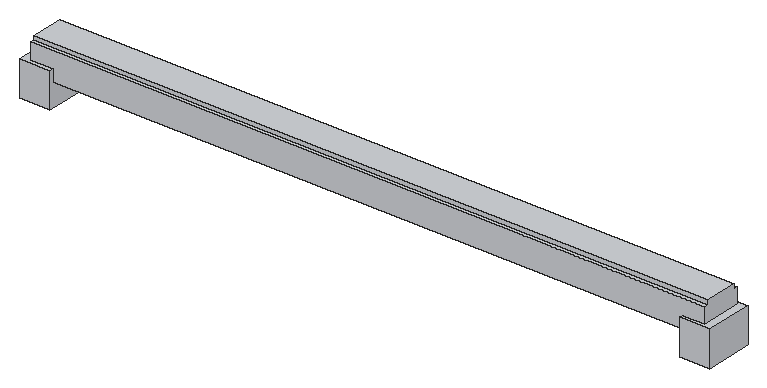
Revit family "BG_DORc_Panicbar-Type1", category Doors, host Face, Revit 2020
Family settings
  Host = Face
  Cut with Voids When Loaded = No
  Shared = No
  Room Calculation Point = No
Parameters (values of type "Typical")
  Width [instance] = 1008.451 mm
  Thickness = 0 mm
  Hardware finish [instance] = none
  Height [instance] = 0 mm
  Default Elevation = 1219.2 mm
Reference planes
  plane 1 "Center (Front/Back)": y = 0
  plane 2: z = 0
  plane 3 "Right": x = 0
  plane 4 "Panic bar centre": x = -504.225
  plane 5: x = -1008.451
Forms (mm)
  Extrusion 1, solid, material <- "Hardware finish"
    sketch origin (-504.225, 505.426, 1219.2) x (0, 1, 0) y (0, 0, 1)
      loop
        line (-474.926, -1219.2) -> (-474.926, -1174.2) -> (-535.926, -1174.2) -> (-535.926, -1219.2) -> (-474.926, -1219.2)
    from 400 to 438
  Extrusion 2, solid, material <- "Hardware finish"
    sketch origin (-504.225, 505.426, 1219.2) x (0, 1, 0) y (0, 0, 1)
      loop
        line (-474.926, -1219.2) -> (-474.926, -1174.2) -> (-535.926, -1174.2) -> (-535.926, -1219.2) -> (-474.926, -1219.2)
    from -400 to -438
  Extrusion 3, solid, material <- "Hardware finish"
    sketch origin (-504.225, 505.426, 1219.2) x (0, 1, 0) y (0, 0, 1)
      loop
        line (-479.926, -1189.2) -> (-479.926, -1154.2) -> (-484.926, -1154.2) -> (-484.926, -1149.2) -> (-525.926, -1149.2) -> (-525.926, -1154.2) -> (-530.926, -1154.2) -> (-530.926, -1189.2) -> (-479.926, -1189.2)
    from 428 to -428
Cuts and joins
  joined: Extrusion 1, Extrusion 2, Extrusion 3
Dimensions and locks
  equal spacing: plane 5, plane 4 "Panic bar centre", plane 3 "Right"
  "Width": plane 5 to plane 3 "Right"
  aligned and locked: plane 2 to host face
  aligned and locked: level to host face
Automatic sketch dimensions
  host sketch curve to host sketch curve = 2438.4 mm  (x2)
  Extrusion 1 sketch curve to level = 0 mm
  plane 1 "Center (Front/Back)" to Extrusion 1 sketch curve = 30.5 mm
  Extrusion 1 sketch curve to plane 1 "Center (Front/Back)" = 30.5 mm
  Extrusion 1 sketch curve to Extrusion 1 sketch curve = 45 mm
  Extrusion 2 sketch curve to level = 0 mm
  plane 1 "Center (Front/Back)" to Extrusion 2 sketch curve = 30.5 mm
  Extrusion 2 sketch curve to plane 1 "Center (Front/Back)" = 30.5 mm
  Extrusion 2 sketch curve to Extrusion 2 sketch curve = 45 mm
  plane 1 "Center (Front/Back)" to Extrusion 3 sketch curve = 25.5 mm
  Extrusion 3 sketch curve to plane 1 "Center (Front/Back)" = 20.5 mm
  Extrusion 3 sketch curve to plane 1 "Center (Front/Back)" = 25.5 mm
  level to Extrusion 3 sketch curve = 30 mm
  Extrusion 3 sketch curve to Extrusion 3 sketch curve = 35 mm  (x2)
  Extrusion 3 sketch curve to Extrusion 3 sketch curve = 5 mm  (x2)
